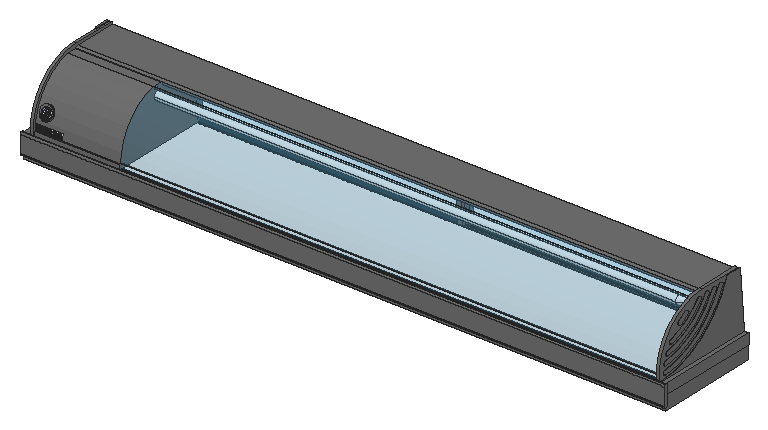
Revit family "QF_HOSHIZAKI_HNC-210BE-L-BLH", category Specialty Equipment, Revit 2016
Family settings
  Part Type = Normal
  Round Connector Dimension = Use Diameter
  OmniClass Number = 23.40.40.14
  OmniClass Title = Food Service Equipment
  Work Plane-Based = No
  Always vertical = Yes
  Cut with Voids When Loaded = No
  Shared = No
  Room Calculation Point = No
Parameters (values of type "HNC-210BE-L-BLH_230V/1Ph/50Hz")
  Weight = 47.00 kg
  Waste Remarks [instance] = ""
  Volts = 230 V
  URL Cutsheet = ""
  URL = "www.hoshizaki-europe.com"
  Status [instance] = ""
  Specification by User [instance] = ""
  Specification by Manufacturer [instance] = ""
  Serial Number = ""
  Seismic Rating = ""
  SMACNA No = ""
  Revision Code [instance] = ""
  Phase = 1
  Number of Poles = 2
  NAFEM Spec ID Number = ""
  Model = "HNC-210BE-L-BLH"
  Min Ckt Ampacity = 0 A
  Max Overcurrent Protection = 0 A
  Masterspec = ""
  Manufacturer = "HOSHIZAKI"
  Length Actual = 2100 mm
  Item Number [instance] = ""
  Installed By [instance] = ""
  Indirect Waste Size = 50.8 mm
  Indirect Waste Connection Type [instance] = ""
  Indirect Waste Connection Height [instance] = 23 mm
  Identify Quantity as Lot [instance] = no
  Height Actual = 270 mm
  HP power = ""
  Furnished By [instance] = ""
  Foodservice Equipment Identifier [instance] = yes
  FL Amps = 0.6 A
  Electric power = 140 W
  Electric Connection Type [instance] = ""
  Elec Conn RI Height [instance] = 0 mm
  Elec Conn Connection Height [instance] = 19 mm
  Direct Waste RI Height [instance] = 0 mm
  Description = "SUSHI CASE WITH LED LIGHTING, LEFT SIDED - BLACK"
  Depth Actual = 345 mm
  Cycle = 50 Hz
  Cost = 0
  Conn Plug = ""
  Conn Conduit = no
  CSI MasterFormat = ""
  Assembly Code = "E1090320"
  Apparent Power = 140 VA
  Accessory = no
Reference planes
  plane 1 "Center (Front/Back)": y = 0
  plane 2: z = 0
  plane 3 "Center (Left/Right)": x = 0
Forms (mm)
  Extrusion 1, solid, not visible
    sketch origin (29, -2, 18) x (1, 0, 0) y (0, 1, 0)
      loop
        line (0, 0) -> (2, 0) -> (2, 2) -> (0, 2) -> (0, 0)
    from 0 to 2
  Extrusion 2, solid, not visible
    sketch origin (2031, -2, 22) x (1, 0, 0) y (0, 1, 0)
      loop
        line (0, 0) -> (2, 0) -> (2, 2) -> (0, 2) -> (0, 0)
    from 0 to 2
Dimensions and locks
  aligned and locked: level to plane 2
Nested families
  nested 1: "QF_HOSHIZAKI_HNC-210BE-L-BLH_230V_1Ph_50Hz" at (0, 0, 0), type "HNC-210BE-L-BLH_230V/1Ph/50Hz"
    with Status "", Specification by User "", Show Clearance yes, Revision Code "", Number of Poles 1, Item Number "", Installed By "", Identify Quantity as Lot no, Furnished By "", Foodservice Equipment Identifier yes, Electrical Remarks "", Electric Connection Type "", Elec Conn RI Height 0 mm, Elec Conn Connection Height 19 mm, Conn Conduit yes
Connectors
  electrical at (30, 0, 19), driven by "Apparent Power", driven by "Number of Poles", driven by "Volts"
    settings: on Extrusion 1, index 1, voltage 230 V, apparent load 0 VA, apparent load phase1 140 VA, apparent load phase2 0 VA, apparent load phase3 0 VA, power factor 1, load classification "Other", number of poles 2, system type 31, power factor state 1, is connector primary yes, connector utility no, sub classification motor no, connector description "Electric connection for 'HNC-210BE-L-BLH'"
  piping at (2032, 0, 23), diameter 50.8, driven by "Indirect Waste Size"
    settings: on Extrusion 2, index 2, connector inside diameter 609.6 mm, connector length 0 mm, flow factor 0, pipe flow 0.0 L/s, pressure drop 0.0 Pa, fitting loss kfactor 0, connector angle 0.00°, fixture units 0, engagement length 0 mm, angle of deflection 0.00°, flow configuration 1, flow direction 2, fitting loss method 0, system type 16, joint type 0, gender type 0, connector reference index -1, connector utility 0, adjustable connector no, is connector primary yes, connector description "Drain connection for 'HNC-210BE-L-BLH'"
Definition of nested family "QF_HOSHIZAKI_HNC-210BE-L-BLH_230V_1Ph_50Hz"
  Parameters (values of type "HNC-210BE-L-BLH_230V/1Ph/50Hz")
    Weight in Pounds = 103.6171
    Electric power = 150 W
    Volts = 230 V
    URL Cutsheet = "www.hoshizaki-europe.com"
    URL = "www.hoshizaki-europe.com"
    Status [instance] = ""
    Specification by User [instance] = ""
    Specification by Manufacturer = ""
    Show Logo = yes
    Show Clearance [instance] = yes
    Serial Number = ""
    Seismic Rating = ""
    SMACNA No = ""
    Revision Code [instance] = ""
    Phase = 1
    Number of Poles [instance] = 1
    NAFEM Spec ID Number = ""
    Model = "HNC-210BE-L-BLH"
    Min Ckt Ampacity = 0 A
    Max Overcurrent Protection = 0 A
    Masterspec = ""
    Manufacturer = "HOSHIZAKI"
    Item Number [instance] = ""
    Installed By [instance] = ""
    Identify Quantity as Lot [instance] = no
    HP power = "0.201153000000"
    Furnished By [instance] = ""
    Foodservice Equipment Identifier [instance] = yes
    FL Amps = 20 A
    Electrical Remarks [instance] = ""
    Electric Connection Type [instance] = ""
    Elec Conn RI Height [instance] = 0 mm
    Elec Conn Connection Height [instance] = 19 mm
    Description = "SUSHI CASE WITH LED LIGHTING, LEFT SIDED - BLACK"
    Cycle = 50 Hz
    Conn Plug = ""
    Conn Conduit [instance] = yes
    CSI MasterFormat = ""
    Assembly Code = "E1090320"
    Apparent Power = 150 VA
  Reference planes
    plane 1 "Back": y = 0
    plane 2: z = 0
    plane 3 "Left": x = 0
    plane 4 "Right": x = 2100
    plane 5 "Front": y = -345
    plane 6 "Top": z = 270
  Forms (mm)
    Extrusion 1, solid
      sketch origin (0, 0, 0) x (0, 1, 0) y (0, 0, 1)
        loop
          line (-335, 11.612) -> (-335, 78.923) -> (-340, 78.923)
          arc (-340, 78.923) -> (-343.536, 77.458) -> (-345, 73.923) r 5
          line (-345, 73.923) -> (-345, 16.612)
          arc (-345, 16.612) -> (-343.536, 13.076) -> (-340, 11.612) r 5
          line (-340, 11.612) -> (-335, 11.612)
      from 0 to 2100
    Extrusion 2, solid
      sketch origin (4, 0, 0) x (0, 1, 0) y (0, 0, 1)
        loop
          line (0, 0) -> (0, 45.267) -> (-335, 45.267) -> (-335, 0) -> (0, 0)
      from 2092 to 0
    Extrusion 3, solid
      sketch origin (2080, 0, 0) x (0, 1, 0) y (0, 0, -1)
        loop
          arc (-335, -77.311) -> (-168.876, -131.23) -> (-62.821, -270) r 293.422
          line (-62.821, -270) -> (-16.482, -270) -> (0, -81.612) -> (0, -45.267) -> (-335, -45.267) -> (-335, -77.311)
        loop
          arc (-83.709, -252.219) -> (-178.479, -139.765) -> (-317.08, -90.602) r 280.922
          arc (-317.08, -90.602) -> (-323.161, -96.407) -> (-318.029, -103.066) r 6.285
          arc (-318.029, -103.066) -> (-185.592, -150.044) -> (-95.039, -257.5) r 268.422
          arc (-95.039, -257.5) -> (-87.673, -258.508) -> (-83.709, -252.219) r 6.865
        loop
          arc (-111.859, -251.686) -> (-195.78, -158.227) -> (-314.06, -115.953) r 255.922
          arc (-314.06, -115.953) -> (-320.31, -121.62) -> (-315.28, -128.393) r 6.28
          arc (-315.28, -128.393) -> (-202.759, -168.597) -> (-122.925, -257.5) r 243.422
          arc (-122.925, -257.5) -> (-115.571, -258.059) -> (-111.859, -251.686) r 6.947
        loop
          arc (-140.937, -251.021) -> (-211.328, -177.909) -> (-306.269, -142.04) r 230.922
          arc (-306.269, -142.04) -> (-312.519, -147.451) -> (-308.057, -154.411) r 6.315
          arc (-308.057, -154.411) -> (-218.228, -188.332) -> (-151.626, -257.5) r 218.422
          arc (-151.626, -257.5) -> (-143.81, -258.338) -> (-140.937, -251.021) r 6.48
        loop
          arc (-173, -248.071) -> (-226.037, -198.16) -> (-293.13, -169.833) r 205.922
          arc (-293.13, -169.833) -> (-298.352, -176.046) -> (-293.527, -182.572) r 6.554
          arc (-293.527, -182.572) -> (-231.849, -209.297) -> (-183.042, -255.516) r 193.422
          arc (-183.042, -255.516) -> (-175.054, -255.795) -> (-173, -248.071) r 6.411
        loop
          arc (-225.482, -229.368) -> (-239.933, -218.945) -> (-255.34, -209.993) r 180.922
          arc (-255.34, -209.993) -> (-262.519, -213.318) -> (-261.08, -221.097) r 6.452
          arc (-261.08, -221.097) -> (-246.737, -229.431) -> (-233.285, -239.134) r 168.422
          arc (-233.285, -239.134) -> (-225.701, -237.193) -> (-225.482, -229.368) r 6.501
      from 0 to 5
    Extrusion 4, solid
      sketch origin (2075, 0, 0) x (0, 1, 0) y (0, 0, -1)
        loop
          line (-335, -45.267) -> (-335, -77.311)
          arc (-335, -77.311) -> (-288.48, -212.569) -> (-157.482, -270) r 178.115
          line (-157.482, -270) -> (-16.482, -270) -> (0, -81.612) -> (0, -45.267) -> (-335, -45.267)
      from 0 to 10
    Extrusion 5, solid
      sketch origin (20, 0, 0) x (0, 1, 0) y (0, 0, 1)
        loop
          line (-335, 77.311) -> (-335, 45.267) -> (0, 45.267) -> (0, 81.612) -> (-16.482, 270) -> (-62.821, 270)
          arc (-62.821, 270) -> (-168.876, 131.23) -> (-335, 77.311) r 293.422
        loop
          arc (-83.709, 252.219) -> (-87.673, 258.508) -> (-95.039, 257.5) r 6.865
          arc (-95.039, 257.5) -> (-185.592, 150.044) -> (-318.029, 103.066) r 268.422
          arc (-318.029, 103.066) -> (-323.161, 96.407) -> (-317.08, 90.602) r 6.285
          arc (-317.08, 90.602) -> (-178.479, 139.765) -> (-83.709, 252.219) r 280.922
        loop
          arc (-111.859, 251.686) -> (-115.571, 258.059) -> (-122.925, 257.5) r 6.947
          arc (-122.925, 257.5) -> (-202.759, 168.597) -> (-315.28, 128.393) r 243.422
          arc (-315.28, 128.393) -> (-320.31, 121.62) -> (-314.06, 115.953) r 6.28
          arc (-314.06, 115.953) -> (-195.78, 158.227) -> (-111.859, 251.686) r 255.922
        loop
          arc (-140.937, 251.021) -> (-143.81, 258.338) -> (-151.626, 257.5) r 6.48
          arc (-151.626, 257.5) -> (-218.228, 188.332) -> (-308.057, 154.411) r 218.422
          arc (-308.057, 154.411) -> (-312.519, 147.451) -> (-306.269, 142.04) r 6.315
          arc (-306.269, 142.04) -> (-211.328, 177.909) -> (-140.937, 251.021) r 230.922
        loop
          arc (-173, 248.071) -> (-175.054, 255.795) -> (-183.042, 255.516) r 6.411
          arc (-183.042, 255.516) -> (-231.849, 209.297) -> (-293.527, 182.572) r 193.422
          arc (-293.527, 182.572) -> (-298.352, 176.046) -> (-293.13, 169.833) r 6.554
          arc (-293.13, 169.833) -> (-226.037, 198.16) -> (-173, 248.071) r 205.922
        loop
          arc (-225.482, 229.368) -> (-225.701, 237.193) -> (-233.285, 239.134) r 6.501
          arc (-233.285, 239.134) -> (-246.737, 229.431) -> (-261.08, 221.097) r 168.422
          arc (-261.08, 221.097) -> (-262.519, 213.318) -> (-255.34, 209.993) r 6.452
          arc (-255.34, 209.993) -> (-239.933, 218.945) -> (-225.482, 229.368) r 180.922
      from 0 to 5
    Extrusion 6, solid
      sketch origin (25, 0, 0) x (0, 1, 0) y (0, 0, 1)
        loop
          line (-335, 45.267) -> (0, 45.267) -> (0, 81.612) -> (-16.482, 270) -> (-157.482, 270)
          arc (-157.482, 270) -> (-288.48, 212.569) -> (-335, 77.311) r 178.115
          line (-335, 77.311) -> (-335, 45.267)
      from 0 to 10
    Extrusion 7, solid
      sketch origin (0, 0, 0) x (0, 1, 0) y (0, 0, 1)
        loop
          line (-335.005, 77.311) -> (-9.983, 77.311) -> (-9.983, 45.267) -> (0, 45.267) -> (0, 81.612) -> (-15.607, 260) -> (-198.787, 260)
          arc (-198.787, 260) -> (-293.716, 198.698) -> (-330.597, 91.885) r 173.115
          line (-330.597, 91.885) -> (-335.597, 91.885) -> (-335.005, 77.311)
      from 35 to 317
    Extrusion 8, solid
      sketch origin (0, 0, 0) x (0, 1, 0) y (0, 0, 1)
        loop
          line (-9.983, 45.267) -> (-9.983, 67.293)
          arc (-9.983, 67.293) -> (-12.951, 74.377) -> (-20.035, 77.311) r 10.017
          line (-20.035, 77.311) -> (-324.983, 77.311)
          arc (-324.983, 77.311) -> (-332.066, 74.377) -> (-335, 67.293) r 10.017
          line (-335, 67.293) -> (-335, 45.267) -> (-9.983, 45.267)
      from 35 to 2065
    Extrusion 9, solid
      sketch origin (0, 0, 0) x (0, 1, 0) y (0, 0, 1)
        loop
          line (-16.044, 265) -> (-157.482, 265)
          arc (-157.482, 265) -> (-162.482, 263.66) -> (-166.142, 260) r 10
          line (-166.142, 260) -> (-166.142, 255) -> (-15.169, 255) -> (-16.044, 265)
      from 35 to 2065
    Extrusion 10, solid
      sketch origin (0, 0, 0) x (0, 1, 0) y (0, 0, 1)
        loop
          line (-166.142, 260) -> (-198.787, 260)
          arc (-198.787, 260) -> (-293.716, 198.698) -> (-330.597, 91.885) r 173.115
          line (-330.597, 91.885) -> (-330.597, 77.395) -> (-325.597, 77.395) -> (-325.597, 91.885)
          arc (-325.597, 91.885) -> (-289.967, 195.377) -> (-198.178, 255) r 168.115
          line (-198.178, 255) -> (-166.142, 255) -> (-166.142, 260)
      from 317 to 2065
    Sweep 11, solid
      path origin (898.568, 0, 230) x (1, 0, 0) y (0, 1, 0)
        loop
          line (1072.551, -50.66) -> (1112.551, -50.66)
          arc (1112.551, -50.66) -> (1140.051, -62.051) -> (1151.442, -89.551) r 38.891
          line (1151.442, -89.551) -> (1151.442, -153.787)
          arc (1151.442, -153.787) -> (1142.122, -176.287) -> (1119.622, -185.607) r 31.82
          line (1119.622, -185.607) -> (-580.378, -185.607)
      profile origin (1991.12, -50.66, 230) x (0, 1, 0) y (0, 0, 1)
        loop
          circle (0, 0) r 12.5
    Extrusion 12, solid
      sketch origin (0, 0, 0) x (0, 1, 0) y (0, 0, 1)
        loop
          line (0, 45.267) -> (0, 81.612) -> (-1.743, 101.536) -> (-6.743, 101.536) -> (-5, 81.612) -> (-5, 77.311) -> (-10, 77.311) -> (-10, 45.267) -> (0, 45.267)
      from 317 to 2065
    Extrusion 13, solid
      sketch origin (900, 0, 0) x (0, 1, 0) y (0, 0, 1)
        loop
          line (-6.743, 101.536) -> (-1.743, 101.536) -> (-15.169, 255) -> (-20.169, 255) -> (-6.743, 101.536)
      from 1150 to 1165
    Extrusion 14, solid
      sketch origin (317, -10, 0) x (0, 1, 0) y (0, 0, 1)
        loop
          line (-5, 77.311) -> (-5, 81.612) -> (-20.169, 255) -> (-25.169, 255) -> (-9.917, 80.666) -> (-9.917, 77.311) -> (-5, 77.311)
      from 0 to 850
    Extrusion 15, solid
      sketch origin (0, 0, 0) x (1, 0, 0) y (0, 0, 1)
        loop
          line (20, 45.267) -> (20, 78.923) -> (4, 78.923) -> (4, 45.267) -> (20, 45.267)
      from 0 to 335
    Extrusion 16, solid
      sketch origin (2080, 0, 0) x (1, 0, 0) y (0, 0, 1)
        loop
          line (16, 45.267) -> (16, 78.923) -> (0, 78.923) -> (0, 45.267) -> (16, 45.267)
      from 0 to 335
    Extrusion 17, solid
      sketch origin (30, 5, 19) x (1, 0, 0) y (0, 0, 1)
        loop
          circle (0, 0) r 5
      from 0 to 5
    Extrusion 18, solid
      sketch origin (1500, 0, 0) x (0, 1, 0) y (0, 0, 1)
        loop
          line (-5, 77.311) -> (-5, 81.612) -> (-20.169, 255) -> (-25.169, 255) -> (-9.917, 80.666) -> (-9.917, 77.311) -> (-5, 77.311)
      from -300 to 550
    Extrusion 19, solid
      sketch origin (1200, 0, 0) x (0, 1, 0) y (0, 0, -1)
        loop
          line (-6.743, -101.536) -> (-4.917, -80.666) -> (-9.917, -80.666) -> (-25.169, -255) -> (-20.169, -255) -> (-14.603, -248.524) -> (-2.401, -109.056) -> (-6.743, -101.536)
      from 16 to 0
    Extrusion 20, solid
      sketch origin (1183, -10, 0) x (0, 1, 0) y (0, 0, -1)
        loop
          line (-6.743, -101.536) -> (-4.917, -80.666) -> (-9.917, -80.666) -> (-25.169, -255) -> (-20.169, -255) -> (-14.603, -248.524) -> (-2.401, -109.056) -> (-6.743, -101.536)
      from 16 to 0
    Extrusion 21, solid, visible <- "Show Logo"
      sketch origin (-4.782, -388.325, -502.549) x (1, 0, 0) y (0, 0.087156, 0.996195)
        loop
          line (55.338, 616.136) -> (55.338, 615.183) -> (56.401, 614.569) -> (56.401, 609.537) -> (55.338, 608.924) -> (55.338, 607.971) -> (59.638, 607.971) -> (59.638, 608.924) -> (58.286, 609.537) -> (58.286, 611.434) -> (61.704, 611.434) -> (61.704, 609.537) -> (60.353, 608.924) -> (60.353, 607.971) -> (64.652, 607.971) -> (64.652, 608.924) -> (63.589, 609.537) -> (63.589, 614.569) -> (64.652, 615.183) -> (64.652, 616.136) -> (60.353, 616.136) -> (60.353, 615.183) -> (61.704, 614.569) -> (61.704, 612.924) -> (58.286, 612.924) -> (58.286, 614.569) -> (59.638, 615.183) -> (59.638, 616.136) -> (55.338, 616.136)
        loop
          spline (69.001, 608.002) -> (70.129, 608.14) -> (71.179, 608.547) -> (72.081, 609.193) -> (72.773, 610.035) -> (73.209, 611.016) -> (73.357, 612.069) -> (73.209, 613.121) -> (72.773, 614.102) -> (72.081, 614.944) -> (71.179, 615.591) -> (70.129, 615.997) -> (69.001, 616.136)
          spline (69.001, 616.136) -> (67.874, 615.997) -> (66.824, 615.591) -> (65.922, 614.944) -> (65.229, 614.102) -> (64.794, 613.121) -> (64.646, 612.069) -> (64.794, 611.016) -> (65.229, 610.035) -> (65.922, 609.193) -> (66.824, 608.547) -> (67.874, 608.14) -> (69.001, 608.002)
        loop
          spline (68.927, 609) -> (69.484, 609.105) -> (70.004, 609.411) -> (70.45, 609.899) -> (70.792, 610.534) -> (71.007, 611.274) -> (71.08, 612.069) -> (71.007, 612.863) -> (70.792, 613.603) -> (70.45, 614.239) -> (70.004, 614.726) -> (69.484, 615.033) -> (68.927, 615.137)
          spline (68.927, 615.137) -> (68.37, 615.033) -> (67.851, 614.726) -> (67.405, 614.239) -> (67.063, 613.603) -> (66.847, 612.863) -> (66.774, 612.069) -> (66.847, 611.274) -> (67.063, 610.534) -> (67.405, 609.899) -> (67.851, 609.411) -> (68.37, 609.105) -> (68.927, 609)
        loop
          line (81.179, 616.194) -> (79.474, 615.758)
          arc (79.474, 615.758) -> (77.281, 616.22) -> (75.089, 615.753) r 5.403
          arc (75.089, 615.753) -> (73.886, 613.9) -> (75.089, 612.047) r 2.029
          line (75.089, 612.047) -> (78.971, 610.634)
          arc (78.971, 610.634) -> (79.436, 609.97) -> (78.971, 609.307) r 0.706
          arc (78.971, 609.307) -> (77.855, 609.11) -> (76.74, 609.307) r 3.262
          line (76.74, 609.307) -> (75.274, 610.772) -> (73.787, 610.772) -> (73.787, 608.097) -> (75.666, 608.577)
          arc (75.666, 608.577) -> (78.223, 607.78) -> (80.78, 608.577) r 4.5
          arc (80.78, 608.577) -> (81.48, 610.43) -> (80.78, 612.283) r 2.804
          line (80.78, 612.283) -> (76.487, 613.433)
          arc (76.487, 613.433) -> (75.882, 614.221) -> (76.487, 615.009) r 0.816
          arc (76.487, 615.009) -> (77.614, 615.157) -> (78.742, 615.009) r 4.357
          line (78.742, 615.009) -> (79.927, 613.433) -> (81.179, 613.433) -> (81.179, 616.194)
        loop
          line (82.271, 616.136) -> (82.271, 615.183) -> (83.334, 614.569) -> (83.334, 609.537) -> (82.271, 608.924) -> (82.271, 607.971) -> (86.57, 607.971) -> (86.57, 608.924) -> (85.219, 609.537) -> (85.219, 611.434) -> (88.636, 611.434) -> (88.636, 609.537) -> (87.285, 608.924) -> (87.285, 607.971) -> (91.585, 607.971) -> (91.585, 608.924) -> (90.522, 609.537) -> (90.522, 614.569) -> (91.585, 615.183) -> (91.585, 616.136) -> (87.285, 616.136) -> (87.285, 615.183) -> (88.636, 614.569) -> (88.636, 612.924) -> (85.219, 612.924) -> (85.219, 614.569) -> (86.57, 615.183) -> (86.57, 616.136) -> (82.271, 616.136)
        loop
          line (96.706, 616.136) -> (92.416, 616.136) -> (92.416, 615.183) -> (93.479, 614.569) -> (93.479, 609.537) -> (92.416, 608.924) -> (92.416, 607.971) -> (96.706, 607.971) -> (96.706, 608.924) -> (95.643, 609.537) -> (95.643, 614.569) -> (96.706, 615.183) -> (96.706, 616.136)
        loop
          line (97.667, 616.136) -> (97.667, 612.671) -> (98.907, 612.671) -> (98.907, 614.463) -> (99.558, 615.114) -> (102.547, 615.114) -> (97.667, 609.299) -> (97.667, 607.971) -> (104.908, 607.971) -> (104.908, 611.273) -> (103.649, 611.273) -> (103.649, 609.958) -> (102.708, 609.299) -> (100.239, 609.299) -> (104.908, 614.862) -> (104.908, 616.136) -> (97.667, 616.136)
        loop
          line (105.624, 607.971) -> (109.33, 607.971) -> (109.33, 609.028) -> (107.454, 609.028) -> (108.104, 610.636) -> (111.138, 610.636) -> (111.792, 609.702) -> (111.119, 609.028) -> (110.298, 609.028) -> (110.298, 607.971) -> (114.469, 607.971) -> (114.469, 609.299) -> (110.933, 616.136) -> (109.33, 616.136) -> (106.458, 609.028) -> (105.624, 609.028) -> (105.624, 607.971)
        loop
          line (114.779, 616.136) -> (114.779, 615.083) -> (116.046, 615.083) -> (116.046, 609.299) -> (114.99, 609.299) -> (114.99, 607.971) -> (118.696, 607.971) -> (117.926, 609.461) -> (117.926, 610.349) -> (119.101, 611.525) -> (121.327, 609.299) -> (120.053, 609.299) -> (120.053, 607.971) -> (124.657, 607.971) -> (124.657, 609.299) -> (123.759, 609.299) -> (120.592, 613.016) -> (122.659, 615.083) -> (123.759, 615.083) -> (123.759, 616.136) -> (120.053, 616.136) -> (120.053, 615.083) -> (121.071, 615.083) -> (117.926, 611.937) -> (118.696, 615.083) -> (118.696, 616.136) -> (114.779, 616.136)
        loop
          line (129.485, 616.136) -> (125.196, 616.136) -> (125.196, 615.183) -> (126.259, 614.569) -> (126.259, 609.537) -> (125.196, 608.924) -> (125.196, 607.971) -> (129.485, 607.971) -> (129.485, 608.924) -> (128.422, 609.537) -> (128.422, 614.569) -> (129.485, 615.183) -> (129.485, 616.136)
        loop
          line (109.583, 614.299) -> (108.553, 611.748) -> (110.666, 611.748) -> (109.583, 614.299)
        loop
          line (52.372, 617.338) -> (52.372, 606.471) -> (131.113, 606.471) -> (131.113, 617.338) -> (52.372, 617.338)
        loop
          line (133.113, 619.338) -> (50.372, 619.338) -> (50.372, 604.471) -> (133.113, 604.471) -> (133.113, 619.338)
      from -1 to 1
    Extrusion 22, solid, visible <- "Show Logo"
      sketch origin (5.218, -389.57, -522.517) x (1, 0, 0) y (0, 0.087156, 0.996195)
        loop
          line (42.372, 637.338) -> (42.372, 626.471) -> (121.113, 626.471) -> (121.113, 637.338) -> (42.372, 637.338)
      from -1 to 1
    Extrusion 23, solid, visible <- "Show Logo"
      sketch origin (529.533, -1020.677, -1575.035) x (-1, 0, 0) y (0, -0.374607, -0.927184)
        loop
          circle (459.884, -1862.5) r 13.99
      from 0 to 2.5
    Extrusion 24, solid, visible <- "Show Logo"
      sketch origin (529.533, -1021.14, -1574.847) x (-1, 0, 0) y (0, -0.374607, -0.927184)
        loop
          circle (459.884, -1862.5) r 15
        loop
          arc (446.884, -1862.5) -> (460.705, -1875.474) -> (472.781, -1860.863) r 13
          line (472.781, -1860.863) -> (470.355, -1858.437) -> (469.346, -1862.201) -> (466.355, -1863.928) -> (465.024, -1865.26) -> (463.375, -1865.26) -> (462.04, -1870.241) -> (457.755, -1870.241) -> (459.339, -1867.979) -> (460.402, -1864.014) -> (461.224, -1860.945) -> (462.416, -1856.497) -> (461.216, -1855.297) -> (459.433, -1857.843) -> (455.784, -1851.523) -> (460.361, -1851.523) -> (461.471, -1853.446) -> (469.213, -1853.446)
          arc (469.213, -1853.446) -> (460.394, -1849.51) -> (451.293, -1852.743) r 13
          line (451.293, -1852.743) -> (455.577, -1853.891) -> (453.752, -1856.497) -> (455.349, -1856.497) -> (454.477, -1866.459) -> (452.538, -1866.459) -> (446.884, -1862.5)
        loop
          line (447.853, -1857.467) -> (452.313, -1861.926) -> (450.144, -1853.891)
          arc (450.144, -1853.891) -> (448.878, -1855.602) -> (447.853, -1857.467) r 15.828
        loop
          line (463.583, -1862.877) -> (466.64, -1862.399) -> (464.901, -1861.285) -> (463.583, -1857.664) -> (463.583, -1862.877)
        loop
          line (464.827, -1855.979) -> (468.296, -1856.908) -> (469.573, -1854.916) -> (468.881, -1854.224) -> (467.914, -1855.035) -> (464.827, -1855.979)
        loop
          line (462.609, -1872.307) -> (462.609, -1874.009) -> (464.927, -1873.388) -> (462.609, -1872.307)
        loop
          line (460.361, -1874.662) -> (459.594, -1873.335) -> (460.801, -1872.638) -> (459.186, -1872.205) -> (458.298, -1874.11) -> (460.361, -1874.662)
        loop
          line (459.623, -1846.783) -> (460.706, -1845.701) -> (462.247, -1845.701) -> (461.191, -1844.645) -> (461.503, -1842.874) -> (459.623, -1843.959) -> (457.743, -1842.874) -> (458.055, -1844.645) -> (456.999, -1845.701) -> (458.54, -1845.701) -> (459.623, -1846.783)
        loop
          line (446.86, -1853.7) -> (446.594, -1852.191) -> (447.478, -1850.929) -> (446.007, -1851.188) -> (444.736, -1849.917) -> (444.547, -1852.08) -> (442.579, -1852.997) -> (444.209, -1853.757) -> (444.468, -1855.228) -> (445.352, -1853.965) -> (446.86, -1853.7)
        loop
          line (452.395, -1848.68) -> (452.856, -1847.219) -> (454.223, -1846.508) -> (452.799, -1846.059) -> (452.258, -1844.344) -> (451.091, -1846.175) -> (448.922, -1846.08) -> (450.017, -1847.507) -> (449.568, -1848.931) -> (450.935, -1848.219) -> (452.395, -1848.68)
        loop
          line (472.909, -1853.7) -> (474.417, -1853.965) -> (475.301, -1855.228) -> (475.56, -1853.757) -> (477.19, -1852.997) -> (475.222, -1852.08) -> (475.033, -1849.917) -> (473.761, -1851.188) -> (472.291, -1850.929) -> (473.175, -1852.191) -> (472.909, -1853.7)
        loop
          line (467.374, -1848.68) -> (468.834, -1848.219) -> (470.201, -1848.931) -> (469.752, -1847.507) -> (470.847, -1846.08) -> (468.678, -1846.175) -> (467.511, -1844.344) -> (466.97, -1846.059) -> (465.546, -1846.508) -> (466.913, -1847.219) -> (467.374, -1848.68)
      from 0 to 2.5
    Extrusion 25, solid, visible <- "Show Logo"
      sketch origin (529.533, -1021.14, -1574.847) x (-1, 0, 0) y (0, -0.374607, -0.927184)
        loop
          line (462.609, -1874.009) -> (462.609, -1872.307) -> (462.085, -1870.241) -> (457.755, -1870.241) -> (459.339, -1867.979) -> (462.416, -1856.497) -> (461.216, -1855.297) -> (459.433, -1857.843) -> (455.808, -1851.565) -> (453.948, -1851.565) -> (455.577, -1853.891) -> (454.477, -1866.459) -> (456.345, -1871.339)
          arc (456.345, -1871.339) -> (456.868, -1874.025) -> (459.213, -1875.435) r 3.366
          arc (459.213, -1875.435) -> (460.198, -1875.496) -> (461.183, -1875.435) r 8.046
          line (461.183, -1875.435) -> (462.609, -1874.009)
        loop
          line (456.854, -1851.523) -> (460.361, -1851.523) -> (460.916, -1852.485) -> (462.702, -1852.485) -> (463.779, -1851.407) -> (460.623, -1851.407) -> (461.563, -1850.468) -> (456.245, -1850.468) -> (456.854, -1851.523)
        loop
          line (460.361, -1874.662) -> (459.594, -1873.335) -> (460.801, -1872.638) -> (459.186, -1872.205) -> (458.298, -1874.11) -> (460.361, -1874.662)
      from 0 to 2.5
    Extrusion 26, solid, visible <- "Show Logo"
      sketch origin (515.149, -534.1, -370.716) x (-1, 0, 0) y (0, -0.374607, -0.927184)
        loop
          circle (445.5, -563.6) r 22.5
      from 0 to 2
  Lines and regions (mm)
    symbolic lines
      curve 1: line (0, -335, 0) -> (0, -345, 0)
      curve 2: line (0, -345, 0) -> (2100, -345, 0)
      curve 3: line (2100, -345, 0) -> (2100, -335, 0)
      curve 4: line (2100, -335, 0) -> (2096, -335, 0)
      curve 5: line (2096, -335, 0) -> (2096, 0, 0)
      curve 6: line (2096, 0, 0) -> (4, 0, 0)
      curve 7: line (35, 0, 0) -> (35, 5, 0)
      curve 8: line (35, 5, 0) -> (25, 5, 0)
      curve 9: line (25, 5, 0) -> (25, 0, 0)
      curve 10: line (4, 0, 0) -> (4, -335, 0)
      curve 11: line (4, -335, 0) -> (0, -335, 0)
      curve 12: line (4, -335, 0) -> (2096, -335, 0)
      curve 13: line (2065, -335, 0) -> (2065, 0, 0)
      curve 14: line (35, -335, 0) -> (35, 0, 0)
      curve 15: line (317, 0, 0) -> (317, -335, 0)
      curve 16: line (2065, -166.142, 0) -> (317, -166.142, 0)
  Dimensions and locks
    aligned and locked: level to plane 2
  Connectors
    electrical at (30, 5, 19), driven by "Apparent Power", driven by "Volts", driven by "Number of Poles"
      settings: on Extrusion 17, index 1, voltage 230 V, apparent load 0 VA, apparent load phase1 150 VA, apparent load phase2 0 VA, apparent load phase3 0 VA, power factor 1, load classification none, number of poles 1, system type 31, power factor state 1, is connector primary yes, connector utility no, sub classification motor no, connector description "Electrical Connection"
